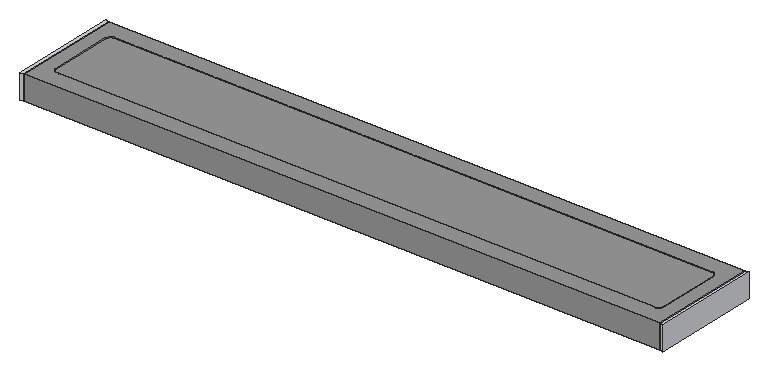
Revit family "0044074 Sylvania Lighting Fixture OPTIX S 1200 MPO DI HO 4000K D+EM WHITE", category Lighting Fixtures, host Face, Revit 2016
Family settings
  Host = Face
  Part Type = Normal
  Round Connector Dimension = Use Diameter
  OmniClass Number = 23.80.70.00
  OmniClass Title = Lighting
  Cut with Voids When Loaded = No
  Light Source = Yes
  Shared = No
  Room Calculation Point = No
Parameters (values of type "0044074 OPTIX S 1200 MPO D/I HO 4K D+EM WHITE")
  spacer height = 5 mm
  spacer centres = 1000 mm
  lens width = 1135 mm
  full length = 1200 mm
  Width = 200 mm
  Weight = "n/a"
  Wattage Comments = ""
  Wattage = 9.2903 W
  WarrantyStartDate [instance] = "n/a"
  WarrantyGuarantorParts = "n/a"
  WarrantyDurationUnit = "n/a"
  WarrantyDurationParts = ""
  WarrantyDescription = "http://www.sylvania-lighting.com"
  built-in parameter 1150110 = 1 (stored number, unit not read)
  Voltage = 0 V
  URL = "0.98"
  TypeName = "OPTIX S 1200 MPO D/I HO 4000K D+EM WHITE"
  Type Image = <None>
  Type Comments = "n/a"
  built-in parameter 1114217 = 1 (stored number, unit not read)
  Tilt Angle = 90.00°
  built-in parameter 1150109 = 1 (stored number, unit not read)
  built-in parameter 1150134 = 3
  built-in parameter 1150113 = 1 (stored number, unit not read)
  SerialNumber [instance] = "n/a"
  Photometric Web File = "0044074.ies"
  Material_3_FEILO = none
  PowerFactor = 0
  PowerConsumption = "Lighting"
  NominalLength = 200 mm
  NominalHeight = 0 mm
  NominalDepth = 0 mm
  Name = "OPTIX S 1200 MPO D/I HO 4000K D+EM WHITE"
  ModelReference = Name  # "OPTIX S 1200 MPO D/I HO 4000K D+EM WHITE"
  ModelNumber = "0044074"
  Model = Name  # "OPTIX S 1200 MPO D/I HO 4000K D+EM WHITE"
  Material = "Feilo Sylvania"
  ManufacturerName = "122 lm/W"
  Manufacturer = ""
  LuminousEfficacy = ""
  built-in parameter 1150105 = 109.82 (stored number, unit not read)
  Lumens = 1380 lm
  LuminaireType = "0"
  built-in parameter 1150115 = 1 (stored number, unit not read)
  LightOutputRatio = "LED"
  built-in parameter 1150137 = (empty or 0)
  built-in parameter 1150139 = (empty or 0)
  Lens Width = 135 mm
  Length = 1188 mm
  LampsType = Lamp  # "n/a"
  LampNominalLuminous = "4000 K"
  LampMacAdamStep = "80"
  LampColourTemperature = "LED"
  LampColourRenderingIndex = "16500"
  built-in parameter 1150112 = 1 (stored number, unit not read)
  built-in parameter 1150114 = 1 (stored number, unit not read)
  Lamp = "n/a"
  Keynote = "n/a"
  InstallationDate [instance] = "n/a"
  InputVoltage = "0"
  InputNominalFrequency = "4000"
  built-in parameter 1150132 = (empty or 0)
  built-in parameter 1150102 = (empty or 0)
  built-in parameter 1150107 = 3200 (stored number, unit not read)
  built-in parameter 1150138 = (empty or 0)
  IngressProtection = "IfcLightFixtureType"
  ImpactProtectionIndex = "IfcLightFixtureType"
  built-in parameter 1150106 = 1.0982 (stored number, unit not read)
  IfcExportType = "IfcLightFixtureType"
  IfcExportAs = "Class I"
  Height = 50 mm
  ExpectedLife = 50000
  Emit from Circle Diameter = 609.6 mm
  Emit Shape Visible in Rendering = no
  ElectricShockClassification = "122"
  built-in parameter 1150104 = 13.8 (stored number, unit not read)
  DurationUnit = "hours"
  DocumentationLiterature = "http://www.sylvania-lighting.com/product/en-int/products/0044074"
  DimmingControlOptions = "n/a"
  Material_2_FEILO = none
  Dimming Lamp Color Temperature Shift = <None>
  Description = "OPTIX S 1200 MPO D/I HO 4K D+EM WHITE is a high efficacy low glare surface or suspended LED Linear luminaire with Micro Prismatic Optic, with direct/indirect light distribution, luminaire dimensions: 1200x200x50mm, Sylvania White body colour (RAL9016), IP20, IK07, DALI Dimmable, 3hr maintained emergency version, low LED flicker (+/-5%), Neutral White (4000K) LED Colour Temperature, 5770lm luminous flux, 47W power consumption, 122lm/W system efficacy, CRI>80, SDCM 3 (3-step MacAdam ellipse) LED Colour Consistency, UGR<18, Luminance at 65° < 3000 cd/m2, lumen maintenance: L90B50 at 60000h, photobiological safety risk group 1. Electrical protection Class I."
  Default Elevation = 1219.2 mm
  CreatedOn = "20/10/2020"
  CreatedBy = "@sylvania-lighting.com"
  Cost = 0
  Color Filter = 16777215
  built-in parameter 1114216 [instance] = (empty or 0)
  ClassificationValue = "EF_70_80"
  ClassificationName = "Uniclass2015"
  Material_1_FEILO = none
  BarCode [instance] = "n/a"
  built-in parameter 1114218 = 1 (stored number, unit not read)
  built-in parameter 1150133 = 10 (stored number, unit not read)
  AssetType = "Fixed"
  AssetIdentifier [instance] = "n/a"
  Assembly Code = "D5020200"
  Apparent Load = 47 VA
  Material_4_FEILO = none
Reference planes
  plane 1 "Center (Front/Back)": y = 0
  plane 2: z = 0
  plane 3 "Center (Left/Right)": x = 0
  plane 4: z = 0
  plane 5: z = 50
  plane 6: y = 100
  plane 7: y = -100
  plane 8: x = -594
  plane 9: x = 594
  plane 10: z = 5
  plane 11: x = -500
  plane 12: x = 500
  plane 13: y = 10
  plane 14: y = -10
  plane 15: x = 487.5
  plane 16: x = 512.5
  plane 17: x = -512.5
  plane 18: x = -487.5
  plane 19: x = -567.5
  plane 20: x = 567.5
  plane 21: y = 67.5
  plane 22: y = -67.5
  plane 23: x = -557.5
  plane 24: y = 57.5
  plane 25: y = -57.5
  plane 26: x = 557.5
  plane 27: x = -600
  plane 28: x = 600
Forms (mm)
  Extrusion 1, solid, material "Aluminum 1100-H18", detail levels medium+fine
    sketch origin (4.2, 0, 0) x (1, 0, 0) y (0, 1, 0)
      loop
        line (-598.2, 100) -> (-598.2, -100) -> (589.8, -100) -> (589.8, 100) -> (-598.2, 100)
    from 5 to 50
  Extrusion 2, solid
    sketch origin (4.2, 0, 0) x (1, 0, 0) y (0, 1, 0)
      loop
        line (483.3, 10) -> (483.3, -10) -> (508.3, -10) -> (508.3, 10) -> (483.3, 10)
    from 0 to 5
  Extrusion 3, solid
    sketch origin (4.2, 0, 0) x (1, 0, 0) y (0, 1, 0)
      loop
        line (-516.7, 10) -> (-516.7, -10) -> (-491.7, -10) -> (-491.7, 10) -> (-516.7, 10)
    from 0 to 5
  Extrusion 4, void, detail levels fine
    sketch origin (4.2, 0, 0) x (0, 1, 0) y (1, 0, 0)
      loop
        line (67.5, -561.7) -> (67.5, 553.3)
        arc (67.5, 553.3) -> (64.571, 560.371) -> (57.5, 563.3) r 10
        line (57.5, 563.3) -> (-57.5, 563.3)
        arc (-57.5, 563.3) -> (-64.571, 560.371) -> (-67.5, 553.3) r 10
        line (-67.5, 553.3) -> (-67.5, -561.7)
        arc (-67.5, -561.7) -> (-64.571, -568.771) -> (-57.5, -571.7) r 10
        line (-57.5, -571.7) -> (57.5, -571.7)
        arc (57.5, -571.7) -> (64.571, -568.771) -> (67.5, -561.7) r 10
    from -50 to -48
  Extrusion 5, solid, detail levels medium+fine
    sketch origin (4.2, 0, 0) x (1, 0, 0) y (0, 1, 0)
      loop
        line (-604.2, 100) -> (-604.2, -100) -> (-598.2, -100) -> (-598.2, 100) -> (-604.2, 100)
    from 5 to 50
  Extrusion 6, solid, detail levels medium+fine
    sketch origin (4.2, 0, 0) x (1, 0, 0) y (0, 1, 0)
      loop
        line (589.8, 100) -> (589.8, -100) -> (595.8, -100) -> (595.8, 100) -> (589.8, 100)
    from 5 to 50
  Extrusion 7, solid, material "Glass, White, High Luminance", detail levels fine
    sketch origin (4.2, 0, 0) x (1, 0, 0) y (0, 1, 0)
      loop
        arc (-561.7, 67.5) -> (-568.771, 64.571) -> (-571.7, 57.5) r 10
        line (-571.7, 57.5) -> (-571.7, -57.5)
        arc (-571.7, -57.5) -> (-568.771, -64.571) -> (-561.7, -67.5) r 10
        line (-561.7, -67.5) -> (553.3, -67.5)
        arc (553.3, -67.5) -> (560.371, -64.571) -> (563.3, -57.5) r 10
        line (563.3, -57.5) -> (563.3, 57.5)
        arc (563.3, 57.5) -> (560.371, 64.571) -> (553.3, 67.5) r 10
        line (553.3, 67.5) -> (-561.7, 67.5)
    from 48 to 49.5
  Extrusion 8, solid, detail levels coarse
    sketch origin (4.2, 0, 0) x (1, 0, 0) y (0, 1, 0)
      loop
        line (-604.2, 100) -> (-604.2, -100) -> (595.8, -100) -> (595.8, 100) -> (-604.2, 100)
    from 0 to 50
Cuts and joins
  Extrusion 4 cuts Extrusion 2
  Extrusion 4 cuts Extrusion 3
  Extrusion 4 cuts Extrusion 1
Dimensions and locks
  "Width": plane 6 to plane 7
  equal spacing: plane 6, plane 1 "Center (Front/Back)", plane 7
  "Length": plane 8 to plane 9
  equal spacing: plane 8, plane 3 "Center (Left/Right)", plane 9
  "spacer height": plane 10 to host face
  "Height": plane 5 to level
  "spacer centres": plane 11 to plane 12
  equal spacing: plane 11, plane 3 "Center (Left/Right)", plane 12
  "lens width": plane 19 to plane 20
  equal spacing: plane 19, plane 3 "Center (Left/Right)", plane 20
  "Lens Width": plane 21 to plane 22
  equal spacing: plane 21, plane 1 "Center (Front/Back)", plane 22
  "full length": plane 27 to plane 28
  equal spacing: plane 27, plane 3 "Center (Left/Right)", plane 28
  aligned and locked: plane 2 to host face
  aligned and locked: level to host face
Automatic sketch dimensions
  host sketch curve to host sketch curve = 2438.4 mm  (x2)
  Extrusion 1 sketch curve to plane 7 = 0 mm
  Extrusion 1 sketch curve to plane 8 = 0 mm
  Extrusion 1 sketch curve to plane 9 = 0 mm
  Extrusion 1 sketch curve to plane 6 = 0 mm
  Extrusion 2 sketch curve to plane 14 = 0 mm
  Extrusion 2 sketch curve to plane 15 = 0 mm
  Extrusion 2 sketch curve to plane 16 = 0 mm
  Extrusion 2 sketch curve to plane 13 = 0 mm
  Extrusion 3 sketch curve to plane 14 = 0 mm
  Extrusion 3 sketch curve to plane 17 = 0 mm
  Extrusion 3 sketch curve to plane 18 = 0 mm
  Extrusion 3 sketch curve to plane 13 = 0 mm
  Extrusion 4 sketch curve to plane 22 = 0 mm
  Extrusion 4 sketch curve to plane 19 = 0 mm
  Extrusion 4 sketch curve to plane 25 = 0 mm  (x2)
  Extrusion 4 sketch curve to plane 20 = 0 mm
  Extrusion 4 sketch curve to plane 24 = 0 mm  (x2)
  Extrusion 4 sketch curve to plane 23 = 0 mm
  Extrusion 5 sketch curve to plane 7 = 0 mm
  Extrusion 5 sketch curve to plane 27 = 0 mm
  Extrusion 5 sketch curve to plane 8 = 0 mm
  Extrusion 5 sketch curve to plane 6 = 0 mm
  Extrusion 6 sketch curve to plane 7 = 0 mm
  Extrusion 6 sketch curve to plane 9 = 0 mm
  Extrusion 6 sketch curve to plane 28 = 0 mm
  Extrusion 6 sketch curve to plane 6 = 0 mm
  Extrusion 7 sketch curve to plane 23 = 0 mm  (x2)
  Extrusion 7 sketch curve to plane 21 = 0 mm
  Extrusion 7 sketch curve to plane 22 = 0 mm
  Extrusion 7 sketch curve to plane 26 = 0 mm  (x2)
  Extrusion 7 sketch curve to plane 20 = 0 mm
  Extrusion 7 sketch curve to plane 24 = 0 mm
  Extrusion 8 sketch curve to plane 7 = 0 mm
  Extrusion 8 sketch curve to plane 27 = 0 mm
  Extrusion 8 sketch curve to plane 28 = 0 mm
  Extrusion 8 sketch curve to plane 6 = 0 mm
Connectors
  electrical at (0, 0, 0), driven by "Apparent Load", driven by "PowerFactor", driven by "Voltage"
    settings: index 1, voltage 0 V, apparent load 47 VA, apparent load phase1 0 VA, apparent load phase2 0 VA, apparent load phase3 0 VA, power factor 0, load classification "Lighting", number of poles 1, system type 30, power factor state 1, is connector primary yes, connector utility no, sub classification motor no, connector description ""
